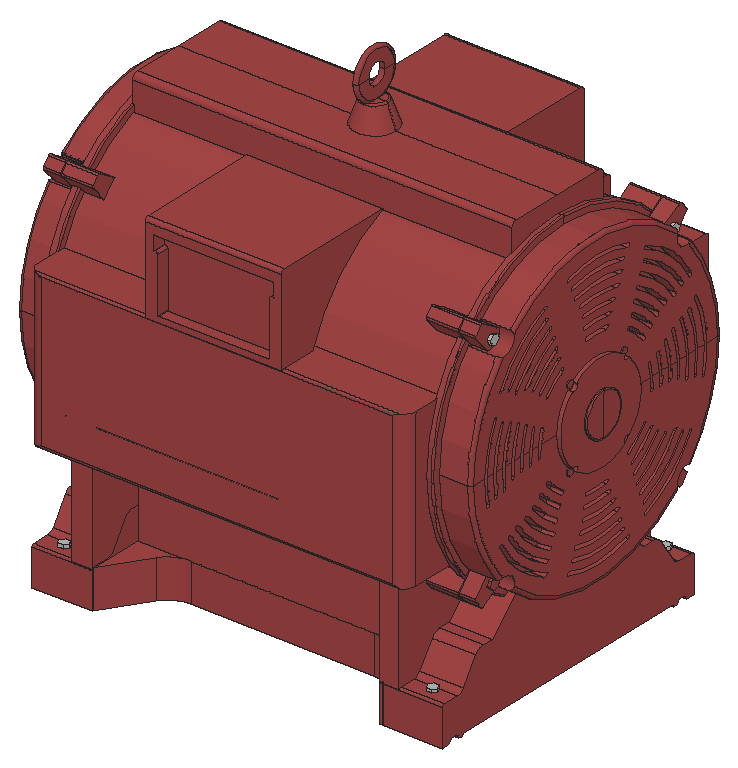
Revit family "125 HP-ODP", category Mechanical Equipment, Revit 2021
Family settings
  Round Connector Dimension = Use Diameter
  Part Type = Normal
  OmniClass Number = 23.60.30.21.21
  OmniClass Title = Pump Sets
  Work Plane-Based = No
  Always vertical = No
  Cut with Voids When Loaded = No
  Shared = No
  Room Calculation Point = No
Parameters (values of type "150Ømm")
  Type Comments = "EFP"
  Pump Material = Cast Iron - Patterson - Red
  Pipe Outside Radius [instance] = 57.15 mm
  Pipe Connector = 150 mm
  Material = Victaulic
  G [instance] = 16 mm
  Equipment Tag [instance] = "FP"
  Equipment No. [instance] = "1"
  Eqpt Type [instance] = "FF"
  Default Elevation = 0 mm
  D [instance] = 14 mm
  Connector Diameter1 [instance] = 14 mm
  B [instance] = 350 mm
Reference planes
  plane 1 "Center (Front/Back)": y = 0
  plane 2: z = 0
  plane 3 "Center (Left/Right)": x = 0
Forms (mm)
  Revolve 1, solid, material "ELECTRIC MOTOR"
    sketch origin (1332.948, -68.938, 622.088) x (-1, 0, 0) y (0, -1, 0)
      loop
        arc (799.005, 667.389) -> (802.54, 668.854) -> (804.005, 672.389) r 5
        line (804.005, 672.389) -> (804.005, 877.089) -> (195.156, 877.089) -> (195.156, 672.389)
        arc (195.156, 672.389) -> (196.62, 668.854) -> (200.156, 667.389) r 5
        line (200.156, 667.389) -> (799.005, 667.389)
      axis (804.005, 877.089) -> (195.156, 877.089)
    angle from 0 to 360
  Extrusion 2, solid, material "ELECTRIC MOTOR"
    sketch origin (469.95, 1268.897, 439.041) x (0, 1, 0) y (0, 0, 1)
      loop
        line (-2145.5, 424.683) -> (-2214.416, 424.683) -> (-2283.331, 424.683)
        arc (-2283.331, 424.683) -> (-2288.27, 422.714) -> (-2290.5, 417.888) r 7.18
        line (-2290.5, 417.888) -> (-2290.5, 378.308)
        arc (-2290.5, 378.308) -> (-2214.407, 392.206) -> (-2138.331, 378.209) r 214.503
        line (-2138.331, 378.209) -> (-2138.331, 417.888)
        arc (-2138.331, 417.888) -> (-2140.561, 422.714) -> (-2145.5, 424.683) r 7.18
    from 106.579 to 615.952
  Extrusion 3, solid, material "ELECTRIC MOTOR"
    sketch origin (534.95, 1118.897, 369.953) x (0, 1, 0) y (0, 0, 1)
      loop
        line (-2148.129, 455.107) -> (-2313.685, 455.107)
        arc (-2313.685, 455.107) -> (-2317.221, 453.642) -> (-2318.685, 450.107) r 5
        line (-2318.685, 450.107) -> (-2318.685, 334.165) -> (-2267.954, 334.165)
        arc (-2267.954, 334.165) -> (-2220.708, 407.185) -> (-2148.129, 455.107) r 212.112
    from 200.914 to 383.749
  Extrusion 4, solid, material "ELECTRIC MOTOR"
    sketch origin (1137.793, -946.027, 622.088) x (0, 0, -1) y (0, 1, 0)
      loop
        line (-84.331, -109.586) -> (-84.331, -250.695)
        arc (-84.331, -250.695) -> (-83.433, -252.863) -> (-81.265, -253.761) r 3.066
        line (-81.265, -253.761) -> (122.156, -253.761)
        arc (122.156, -253.761) -> (124.324, -252.863) -> (125.222, -250.695) r 3.066
        line (125.222, -250.695) -> (125.222, -52.823)
        arc (125.222, -52.823) -> (35.006, -134.959) -> (-84.331, -109.586) r 133.64
    from -560.644 to -51.891
  Extrusion 5, void
    sketch origin (534.95, -1199.788, 765.847) x (0, 0, -1) y (-1, 0, 0)
      loop
        line (-42.295, -213.143) -> (-42.295, -372.565)
        arc (-42.295, -372.565) -> (-42.047, -373.166) -> (-41.446, -373.414) r 0.85
        line (-41.446, -373.414) -> (-23.397, -373.414) -> (-23.397, -371.659)
        arc (-23.397, -371.659) -> (-22.366, -369.169) -> (-19.876, -368.138) r 3.521
        line (-19.876, -368.138) -> (53.264, -368.138)
        arc (53.264, -368.138) -> (53.931, -367.862) -> (54.208, -367.195) r 0.943
        line (54.208, -367.195) -> (54.208, -218.47)
        arc (54.208, -218.47) -> (53.944, -217.833) -> (53.308, -217.57) r 0.9
        line (53.308, -217.57) -> (-19.876, -217.57)
        arc (-19.876, -217.57) -> (-22.366, -216.538) -> (-23.397, -214.049) r 3.521
        line (-23.397, -214.049) -> (-23.397, -212.293) -> (-41.446, -212.293)
        arc (-41.446, -212.293) -> (-42.047, -212.542) -> (-42.295, -213.143) r 0.85
    from 0 to 16
  Revolve 6, solid, material "PUMP"
    sketch origin (459.257, -946.378, 361.732) x (1, 0, 0) y (0, 0, 1)
      loop
        line (69.737, 260.135) -> (69.737, 274.327) -> (62.376, 274.327)
        arc (62.376, 274.327) -> (61.527, 273.976) -> (61.176, 273.127) r 1.2
        line (61.176, 273.127) -> (61.176, 260.135) -> (69.737, 260.135)
      axis (61.176, 260.135) -> (69.737, 260.135)
    angle from 0 to 360
  Extrusion 7, void
    sketch origin (528.918, -946.378, 622.088) x (0, -1, 0) y (0, 0, 1)
      loop
        circle (0, -0.221) r 19
    from -77.143 to 8.348
  Revolve 8, solid, material "MOTOR KEY SHAFT"
    sketch origin (450.909, -946.378, 361.953) x (1, 0, 0) y (0, 0, 1)
      loop
        line (69.661, 260.135) -> (69.661, 270.869) -> (19.676, 270.869)
        arc (19.676, 270.869) -> (18.827, 270.517) -> (18.476, 269.669) r 1.2
        line (18.476, 269.669) -> (18.476, 260.135) -> (69.661, 260.135)
      axis (18.476, 260.135) -> (69.661, 260.135)
    angle from 0 to 360
  Extrusion 9, solid, material "SHAFT KEY"
    sketch origin (469.95, 1268.603, 365.499) x (0, 1, 0) y (0, 0, 1)
      loop
        line (-2213.981, 270.102) -> (-2215.981, 270.102) -> (-2215.981, 263.278) -> (-2213.981, 263.278) -> (-2213.981, 270.102)
    from -0.571 to 12.337
  Revolve 10, solid, material "PUMP"
    sketch origin (924.692, -946.378, 361.953) x (-1, 0, 0) y (0, 0, -1)
      loop
        line (-161.21, -260.135) -> (-170.21, -260.135) -> (-170.21, -478.135)
        arc (-170.21, -478.135) -> (-169.624, -479.549) -> (-168.21, -480.135) r 2
        line (-168.21, -480.135) -> (-161.21, -480.135) -> (-161.21, -260.135)
      axis (-170.21, -260.135) -> (-161.21, -260.135)
    angle from 0 to 360
  Extrusion 11, solid, material "PUMP"
    sketch origin (520.57, -946.378, 622.088) x (0, 1, 0) y (0, 0, 1)
      loop
        arc (39.813, 53.088) -> (-0.133, 66.438) -> (-40.079, 53.088) r 66.438
        arc (-40.079, 53.088) -> (-40.58, 46.085) -> (-47.583, 46.585) r 4.965
        arc (-47.583, 46.585) -> (-66.571, 0) -> (-47.583, -46.585) r 66.639
        arc (-47.583, -46.585) -> (-40.58, -46.085) -> (-40.079, -53.088) r 4.965
        arc (-40.079, -53.088) -> (-0.133, -66.438) -> (39.813, -53.088) r 66.438
        arc (39.813, -53.088) -> (40.314, -46.085) -> (47.317, -46.585) r 4.965
        arc (47.317, -46.585) -> (66.305, 0) -> (47.317, 46.585) r 66.64
        arc (47.317, 46.585) -> (40.314, 46.085) -> (39.813, 53.088) r 4.965
    from 617.25 to 624.339
  Revolve 12, solid, material "HOOK FOR MOTOR"
    sketch origin (598.638, -945.519, 449.953) x (1, 0, 0) y (0, 0, 1)
      loop
        line (241.463, 413.771) -> (269.59, 413.771) -> (258.841, 443.304)
        arc (258.841, 443.304) -> (257.963, 444.711) -> (256.59, 445.641) r 4
        line (256.59, 445.641) -> (241.463, 445.641) -> (241.463, 413.771)
      axis (241.463, 445.641) -> (241.463, 413.771)
    angle from 0 to 360
  Revolve 13, solid, material "HOOK FOR MOTOR"
    sketch origin (2228.997, 1206.397, 924.415) x (-1, 0, 0) y (0, -1, 0)
      loop
        line (1385.431, 2152.424) -> (1385.431, 2122.746)
        arc (1385.431, 2122.746) -> (1388.931, 2119.246) -> (1392.431, 2122.746) r 3.5
        line (1392.431, 2122.746) -> (1392.431, 2152.424) -> (1385.431, 2152.424)
      axis (1392.431, 2152.424) -> (1385.431, 2152.424)
    angle from 0 to 360
  Extrusion 14, void
    sketch origin (843.566, -946.027, 924.415) x (0, 0, 1) y (0, 1, 0)
      loop
        circle (0, 0) r 14
    from 0 to 6.947
  Extrusion 15, solid, material "MOTOR LEG"
    sketch origin (1161.252, 1270.772, 208.751) x (0, 1, 0) y (0, 0, -1)
      loop
        line (-2399.6, -94.18) -> (-2401.553, -91.302) -> (-2406.553, -91.302) -> (-2409.946, -96.302) -> (-2419.946, -96.302) -> (-2423.339, -91.302) -> (-2434.372, -91.302) -> (-2434.372, -140.148)
        arc (-2434.372, -140.148) -> (-2433.526, -142.192) -> (-2431.482, -143.038) r 2.89
        line (-2431.482, -143.038) -> (-2408.516, -143.038)
        arc (-2408.516, -143.038) -> (-2403.126, -144.378) -> (-2398.99, -148.086) r 11.512
        line (-2398.99, -148.086) -> (-2378.146, -178.806)
        arc (-2378.146, -178.806) -> (-2372.758, -183.637) -> (-2365.734, -185.383) r 15
        line (-2365.734, -185.383) -> (-2349.896, -185.383) -> (-2309.974, -225.305)
        arc (-2309.974, -225.305) -> (-2221.685, -204.447) -> (-2132.44, -220.739) r 221.465
        line (-2132.44, -220.739) -> (-2097.085, -185.383) -> (-2080.631, -185.383)
        arc (-2080.631, -185.383) -> (-2073.607, -183.637) -> (-2068.219, -178.806) r 15
        line (-2068.219, -178.806) -> (-2046.747, -147.161)
        arc (-2046.747, -147.161) -> (-2042.611, -143.453) -> (-2037.221, -142.113) r 11.512
        line (-2037.221, -142.113) -> (-2015.499, -142.113)
        arc (-2015.499, -142.113) -> (-2013.455, -141.266) -> (-2012.609, -139.223) r 2.89
        line (-2012.609, -139.223) -> (-2012.609, -91.302) -> (-2023.643, -91.302) -> (-2027.035, -96.302) -> (-2037.035, -96.302) -> (-2040.428, -91.302) -> (-2045.428, -91.302) -> (-2047.381, -94.18) -> (-2399.6, -94.18)
    from 55.232 to 139.982
  Extrusion 16, solid, material "TERMINAL BOX MOTOR"
    sketch origin (843.566, -851.728, 832.7) x (0, 0, -1) y (0, 1, 0)
      loop
        arc (149.901, 160.761) -> (150.487, 159.347) -> (151.901, 158.761) r 2
        line (151.901, 158.761) -> (261.55, 158.761)
        arc (261.55, 158.761) -> (262.965, 159.347) -> (263.55, 160.761) r 2
        line (263.55, 160.761) -> (263.55, 216.813) -> (149.901, 188.371) -> (149.901, 160.761)
    from -73.899 to 56.101
  Extrusion 17, solid, material "TERMINAL BOX MOTOR"
    sketch origin (843.566, -450.455, 443.916) x (0, 0, 1) y (0, -1, 0)
      loop
        arc (125.234, 177.315) -> (125.82, 175.901) -> (127.234, 175.315) r 2
        line (127.234, 175.315) -> (236.883, 175.315)
        arc (236.883, 175.315) -> (238.297, 175.901) -> (238.883, 177.315) r 2
        line (238.883, 177.315) -> (238.883, 210.631) -> (125.234, 182.295) -> (125.234, 177.315)
    from -73.899 to 56.101
  Extrusion 18, void
    sketch origin (1137.559, -1060.528, 496.866) x (0, 1, 0) y (-1, 0, 0)
      loop
        line (-139.261, 69.624) -> (-139.261, 51.645) -> (-122.239, 51.645)
        arc (-122.239, 51.645) -> (-134.042, 57.518) -> (-139.261, 69.624) r 19.17
    from 0 to 219.503
  Extrusion 19, void
    sketch origin (525.504, -1060.578, 496.866) x (0, 1, 0) y (-1, 0, 0)
      loop
        arc (-139.261, -69.624) -> (-134.042, -57.518) -> (-122.239, -51.645) r 19.17
        line (-122.239, -51.645) -> (-139.261, -51.645) -> (-139.261, -69.624)
    from 0 to 219.503
  Extrusion 20, solid, material "ELECTRIC MOTOR"
    sketch origin (534.95, -3011.652, 369.953) x (0, -1, 0) y (0, 0, -1)
      loop
        arc (-2148.129, -455.107) -> (-2220.708, -407.185) -> (-2267.954, -334.165) r 212.112
        line (-2267.954, -334.165) -> (-2318.685, -334.165) -> (-2318.685, -450.107)
        arc (-2318.685, -450.107) -> (-2317.221, -453.642) -> (-2313.685, -455.107) r 5
        line (-2313.685, -455.107) -> (-2148.129, -455.107)
    from 200.914 to 383.749
  Extrusion 21, solid, material "ELECTRIC MOTOR"
    sketch origin (1137.793, -946.728, 622.088) x (0, 0, -1) y (0, 1, 0)
      loop
        arc (-84.331, 109.586) -> (35.006, 134.959) -> (125.222, 52.823) r 133.64
        line (125.222, 52.823) -> (125.222, 250.695)
        arc (125.222, 250.695) -> (124.324, 252.863) -> (122.156, 253.761) r 3.066
        line (122.156, 253.761) -> (-81.265, 253.761)
        arc (-81.265, 253.761) -> (-83.433, 252.863) -> (-84.331, 250.695) r 3.066
        line (-84.331, 250.695) -> (-84.331, 109.586)
    from -560.644 to -51.891
  Extrusion 22, void
    sketch origin (534.95, -692.967, 765.847) x (0, 0, -1) y (1, 0, 0)
      loop
        arc (-42.295, 213.143) -> (-42.047, 212.542) -> (-41.446, 212.293) r 0.85
        line (-41.446, 212.293) -> (-23.397, 212.293) -> (-23.397, 214.049)
        arc (-23.397, 214.049) -> (-22.366, 216.538) -> (-19.876, 217.57) r 3.521
        line (-19.876, 217.57) -> (53.308, 217.57)
        arc (53.308, 217.57) -> (53.944, 217.833) -> (54.208, 218.47) r 0.9
        line (54.208, 218.47) -> (54.208, 367.195)
        arc (54.208, 367.195) -> (53.931, 367.862) -> (53.264, 368.138) r 0.943
        line (53.264, 368.138) -> (-19.876, 368.138)
        arc (-19.876, 368.138) -> (-22.366, 369.169) -> (-23.397, 371.659) r 3.521
        line (-23.397, 371.659) -> (-23.397, 373.414) -> (-41.446, 373.414)
        arc (-41.446, 373.414) -> (-42.047, 373.166) -> (-42.295, 372.565) r 0.85
        line (-42.295, 372.565) -> (-42.295, 213.143)
    from 0 to 16
  Extrusion 23, solid, material "ELECTRIC MOTOR"
    sketch origin (602.731, -3208.501, 312.231) x (0, -1, 0) y (0, 0, -1)
      loop
        line (-2311.299, -359.894) -> (-2312.099, -364.433) -> (-2308.332, -367.594) -> (-2304, -366.018) -> (-2303.232, -361.659) -> (-2307.139, -358.38) -> (-2311.299, -359.894)
    from 535.09 to 537.42
  Extrusion 24, solid, material "ELECTRIC MOTOR"
    sketch origin (602.731, 1372.597, 962.856) x (0, 1, 0) y (0, 0, 1)
      loop
        line (-2309.939, -359.922) -> (-2310.561, -363.451) -> (-2307.632, -365.909) -> (-2304.264, -364.683) -> (-2303.591, -360.868) -> (-2306.298, -358.597) -> (-2309.939, -359.922)
    from 535.09 to 537.42
  Extrusion 25, solid, material "ELECTRIC MOTOR"
    sketch origin (602.731, 1315.479, 312.231) x (0, 1, 0) y (0, 0, 1)
      loop
        line (-2311.299, 359.894) -> (-2307.139, 358.38) -> (-2303.232, 361.659) -> (-2304, 366.018) -> (-2308.332, 367.594) -> (-2312.099, 364.433) -> (-2311.299, 359.894)
    from 535.09 to 537.42
  Extrusion 26, solid, material "ELECTRIC MOTOR"
    sketch origin (602.731, -3208.501, 931.945) x (0, -1, 0) y (0, 0, -1)
      loop
        line (-2311.299, 359.894) -> (-2307.139, 358.38) -> (-2303.232, 361.659) -> (-2304, 366.018) -> (-2308.332, 367.594) -> (-2312.099, 364.433) -> (-2311.299, 359.894)
    from 535.09 to 537.42
  Extrusion 27, solid, material "ELECTRIC MOTOR"
    sketch origin (602.731, 1315.479, 931.945) x (0, 1, 0) y (0, 0, 1)
      loop
        line (-2311.299, -359.894) -> (-2312.099, -364.433) -> (-2308.332, -367.594) -> (-2304, -366.018) -> (-2303.232, -361.659) -> (-2307.139, -358.38) -> (-2311.299, -359.894)
    from 535.09 to 537.42
  Extrusion 28, void
    sketch origin (1085.902, -950.848, 625.583) x (0, 0, 1) y (0, 1, 0)
      loop
        arc (130.608, -156.394) -> (145.005, -148.2) -> (153.628, -134.055) r 33.098
        arc (153.628, -134.055) -> (133.682, -136.532) -> (130.608, -156.394) r 16.675
    from -59.008 to -2.625
  Extrusion 29, solid, material "for motor bolt nut"
    sketch origin (813.699, 1234.131, 605.677) x (0, 0.996195, 0.087156) y (0, 0.087156, -0.996195)
      loop
        line (-2314.802, -361.918) -> (-2315.989, -368.651) -> (-2310.751, -373.046) -> (-2304.326, -370.708) -> (-2303.139, -363.974) -> (-2308.377, -359.579) -> (-2314.802, -361.918)
    from -310.016 to -304.828
  Extrusion 30, solid, material "PUMP"
    sketch origin (0, 0, 0) x (0, 1, 0) y (0, 0, 1)
      loop
        arc (-1122.533, 782.298) -> (-1123.195, 780.705) -> (-1122.825, 779.021) r 2.875
        line (-1122.825, 779.021) -> (-1102.849, 756.04)
        arc (-1102.849, 756.04) -> (-1089.259, 762.102) -> (-1085.504, 776.501) r 17.175
        line (-1085.504, 776.501) -> (-1111.695, 792.599)
        arc (-1111.695, 792.599) -> (-1113.323, 792.564) -> (-1114.677, 791.66) r 2.907
        line (-1114.677, 791.66) -> (-1122.533, 782.298)
    from 1095.138 to 1118.526
  Extrusion 31, void
    sketch origin (1085.902, -942.173, 625.583) x (0, 0, 1) y (0, 1, 0)
      loop
        arc (130.608, 156.394) -> (133.682, 136.532) -> (153.628, 134.055) r 16.675
        arc (153.628, 134.055) -> (145.005, 148.2) -> (130.608, 156.394) r 33.098
    from -59.008 to -2.625
  Extrusion 32, void
    sketch origin (1085.902, -942.173, 613.613) x (0, 0, -1) y (0, -1, 0)
      loop
        arc (130.608, -156.394) -> (145.005, -148.2) -> (153.628, -134.055) r 33.098
        arc (153.628, -134.055) -> (133.682, -136.532) -> (130.608, -156.394) r 16.675
    from -59.008 to -2.625
  Extrusion 33, void
    sketch origin (1085.902, -950.848, 618.593) x (0, 0, -1) y (0, -1, 0)
      loop
        arc (130.608, 156.394) -> (133.682, 136.532) -> (153.628, 134.055) r 16.675
        arc (153.628, 134.055) -> (145.005, 148.2) -> (130.608, 156.394) r 33.098
    from -59.008 to -2.625
  Extrusion 34, solid, material "ELECTRIC MOTOR"
    sketch origin (813.699, 1234.131, 638.499) x (0, 0.996195, -0.087156) y (0, -0.087156, -0.996195)
      loop
        line (-2314.802, 361.918) -> (-2308.377, 359.579) -> (-2303.139, 363.974) -> (-2304.326, 370.708) -> (-2310.751, 373.046) -> (-2315.989, 368.651) -> (-2314.802, 361.918)
    from -310.016 to -304.828
  Extrusion 35, solid, material "PUMP"
    sketch origin (0, 0, 1244.176) x (0, 1, 0) y (0, 0, 1)
      loop
        line (-1122.533, -782.298) -> (-1114.677, -791.66)
        arc (-1114.677, -791.66) -> (-1113.323, -792.564) -> (-1111.695, -792.599) r 2.907
        line (-1111.695, -792.599) -> (-1085.504, -776.501)
        arc (-1085.504, -776.501) -> (-1089.259, -762.102) -> (-1102.849, -756.04) r 17.175
        line (-1102.849, -756.04) -> (-1122.825, -779.021)
        arc (-1122.825, -779.021) -> (-1123.195, -780.705) -> (-1122.533, -782.298) r 2.875
    from 1095.138 to 1118.526
  Extrusion 36, void
    sketch origin (1085.902, -942.173, 618.593) x (0, 0, -1) y (0, -1, 0)
      loop
        arc (130.608, -156.394) -> (145.005, -148.2) -> (153.628, -134.055) r 33.098
        arc (153.628, -134.055) -> (133.682, -136.532) -> (130.608, -156.394) r 16.675
    from -59.008 to -2.625
  Extrusion 37, void
    sketch origin (1085.902, -950.848, 625.583) x (0, 0, 1) y (0, 1, 0)
      loop
        arc (130.608, -156.394) -> (145.005, -148.2) -> (153.628, -134.055) r 33.098
        arc (153.628, -134.055) -> (133.682, -136.532) -> (130.608, -156.394) r 16.675
    from -59.008 to -2.625
  Extrusion 38, solid, material "PUMP"
    sketch origin (0, 0, 0) x (0, 1, 0) y (0, 0, 1)
      loop
        arc (-1122.533, 782.298) -> (-1123.195, 780.705) -> (-1122.825, 779.021) r 2.875
        line (-1122.825, 779.021) -> (-1102.849, 756.04)
        arc (-1102.849, 756.04) -> (-1089.259, 762.102) -> (-1085.504, 776.501) r 17.175
        line (-1085.504, 776.501) -> (-1111.695, 792.599)
        arc (-1111.695, 792.599) -> (-1113.323, 792.564) -> (-1114.677, 791.66) r 2.907
        line (-1114.677, 791.66) -> (-1122.533, 782.298)
    from 1051.796 to 1095.138
  Extrusion 39, solid, material "PUMP"
    sketch origin (0, 0, 1244.176) x (0, 1, 0) y (0, 0, 1)
      loop
        line (-1122.533, -782.298) -> (-1114.677, -791.66)
        arc (-1114.677, -791.66) -> (-1113.323, -792.564) -> (-1111.695, -792.599) r 2.907
        line (-1111.695, -792.599) -> (-1085.504, -776.501)
        arc (-1085.504, -776.501) -> (-1089.259, -762.102) -> (-1102.849, -756.04) r 17.175
        line (-1102.849, -756.04) -> (-1122.825, -779.021)
        arc (-1122.825, -779.021) -> (-1123.195, -780.705) -> (-1122.533, -782.298) r 2.875
    from 1051.796 to 1095.138
  Extrusion 40, solid, material "for motor bolt nut"
    sketch origin (813.699, -3127.153, 638.499) x (0, -0.996195, -0.087156) y (0, -0.087156, 0.996195)
      loop
        line (-2314.802, -361.918) -> (-2315.989, -368.651) -> (-2310.751, -373.046) -> (-2304.326, -370.708) -> (-2303.139, -363.974) -> (-2308.377, -359.579) -> (-2314.802, -361.918)
    from -310.016 to -304.828
  Extrusion 41, solid, material "PUMP"
    sketch origin (0, -1893.022, 1244.176) x (0, -1, 0) y (0, 0, -1)
      loop
        arc (-1122.533, 782.298) -> (-1123.195, 780.705) -> (-1122.825, 779.021) r 2.875
        line (-1122.825, 779.021) -> (-1102.849, 756.04)
        arc (-1102.849, 756.04) -> (-1089.259, 762.102) -> (-1085.504, 776.501) r 17.175
        line (-1085.504, 776.501) -> (-1111.695, 792.599)
        arc (-1111.695, 792.599) -> (-1113.323, 792.564) -> (-1114.677, 791.66) r 2.907
        line (-1114.677, 791.66) -> (-1122.533, 782.298)
    from 1095.138 to 1118.526
  Extrusion 42, solid, material "PUMP"
    sketch origin (0, -1893.022, 1244.176) x (0, -1, 0) y (0, 0, -1)
      loop
        arc (-1122.533, 782.298) -> (-1123.195, 780.705) -> (-1122.825, 779.021) r 2.875
        line (-1122.825, 779.021) -> (-1102.849, 756.04)
        arc (-1102.849, 756.04) -> (-1089.259, 762.102) -> (-1085.504, 776.501) r 17.175
        line (-1085.504, 776.501) -> (-1111.695, 792.599)
        arc (-1111.695, 792.599) -> (-1113.323, 792.564) -> (-1114.677, 791.66) r 2.907
        line (-1114.677, 791.66) -> (-1122.533, 782.298)
    from 1051.796 to 1095.138
  Extrusion 43, solid, material "for motor bolt nut"
    sketch origin (813.699, -3127.153, 605.677) x (0, -0.996195, 0.087156) y (0, 0.087156, 0.996195)
      loop
        line (-2314.802, 361.918) -> (-2308.377, 359.579) -> (-2303.139, 363.974) -> (-2304.326, 370.708) -> (-2310.751, 373.046) -> (-2315.989, 368.651) -> (-2314.802, 361.918)
    from -310.016 to -304.828
  Extrusion 44, solid, material "PUMP"
    sketch origin (0, -1893.022, 0) x (0, -1, 0) y (0, 0, -1)
      loop
        line (-1122.533, -782.298) -> (-1114.677, -791.66)
        arc (-1114.677, -791.66) -> (-1113.323, -792.564) -> (-1111.695, -792.599) r 2.907
        line (-1111.695, -792.599) -> (-1085.504, -776.501)
        arc (-1085.504, -776.501) -> (-1089.259, -762.102) -> (-1102.849, -756.04) r 17.175
        line (-1102.849, -756.04) -> (-1122.825, -779.021)
        arc (-1122.825, -779.021) -> (-1123.195, -780.705) -> (-1122.533, -782.298) r 2.875
    from 1095.138 to 1118.526
  Extrusion 45, solid, material "PUMP"
    sketch origin (0, -1893.022, 0) x (0, -1, 0) y (0, 0, -1)
      loop
        line (-1122.533, -782.298) -> (-1114.677, -791.66)
        arc (-1114.677, -791.66) -> (-1113.323, -792.564) -> (-1111.695, -792.599) r 2.907
        line (-1111.695, -792.599) -> (-1085.504, -776.501)
        arc (-1085.504, -776.501) -> (-1089.259, -762.102) -> (-1102.849, -756.04) r 17.175
        line (-1102.849, -756.04) -> (-1122.825, -779.021)
        arc (-1122.825, -779.021) -> (-1123.195, -780.705) -> (-1122.533, -782.298) r 2.875
    from 1051.796 to 1095.138
  Revolve 46, solid, material "PUMP"
    sketch origin (406.862, -946.378, 361.953) x (-1, 0, 0) y (0, 0, -1)
      loop
        line (-161.21, -260.135) -> (-170.21, -260.135) -> (-170.21, -478.135)
        arc (-170.21, -478.135) -> (-169.624, -479.549) -> (-168.21, -480.135) r 2
        line (-168.21, -480.135) -> (-161.21, -480.135) -> (-161.21, -260.135)
      axis (-170.21, -260.135) -> (-161.21, -260.135)
    angle from 0 to 360
  Extrusion 47, solid, material "PUMP"
    sketch origin (1655.563, -1893.022, 0) x (0, -1, 0) y (0, 0, 1)
      loop
        arc (-1122.533, 782.298) -> (-1123.195, 780.705) -> (-1122.825, 779.021) r 2.875
        line (-1122.825, 779.021) -> (-1102.849, 756.04)
        arc (-1102.849, 756.04) -> (-1089.259, 762.102) -> (-1085.504, 776.501) r 17.175
        line (-1085.504, 776.501) -> (-1111.695, 792.599)
        arc (-1111.695, 792.599) -> (-1113.323, 792.564) -> (-1114.677, 791.66) r 2.907
        line (-1114.677, 791.66) -> (-1122.533, 782.298)
    from 1095.138 to 1118.526
  Extrusion 48, solid, material "PUMP"
    sketch origin (1655.563, -1893.022, 0) x (0, -1, 0) y (0, 0, 1)
      loop
        arc (-1122.533, 782.298) -> (-1123.195, 780.705) -> (-1122.825, 779.021) r 2.875
        line (-1122.825, 779.021) -> (-1102.849, 756.04)
        arc (-1102.849, 756.04) -> (-1089.259, 762.102) -> (-1085.504, 776.501) r 17.175
        line (-1085.504, 776.501) -> (-1111.695, 792.599)
        arc (-1111.695, 792.599) -> (-1113.323, 792.564) -> (-1114.677, 791.66) r 2.907
        line (-1114.677, 791.66) -> (-1122.533, 782.298)
    from 1051.796 to 1095.138
  Extrusion 49, solid, material "PUMP"
    sketch origin (1655.563, 0.266, 0) x (0, 1, 0) y (0, 0, -1)
      loop
        line (-1122.533, -782.298) -> (-1114.677, -791.66)
        arc (-1114.677, -791.66) -> (-1113.323, -792.564) -> (-1111.695, -792.599) r 2.907
        line (-1111.695, -792.599) -> (-1085.504, -776.501)
        arc (-1085.504, -776.501) -> (-1089.259, -762.102) -> (-1102.849, -756.04) r 17.175
        line (-1102.849, -756.04) -> (-1122.825, -779.021)
        arc (-1122.825, -779.021) -> (-1123.195, -780.705) -> (-1122.533, -782.298) r 2.875
    from 1095.138 to 1118.526
  Extrusion 50, solid, material "PUMP"
    sketch origin (1655.563, 0.266, 0) x (0, 1, 0) y (0, 0, -1)
      loop
        line (-1122.533, -782.298) -> (-1114.677, -791.66)
        arc (-1114.677, -791.66) -> (-1113.323, -792.564) -> (-1111.695, -792.599) r 2.907
        line (-1111.695, -792.599) -> (-1085.504, -776.501)
        arc (-1085.504, -776.501) -> (-1089.259, -762.102) -> (-1102.849, -756.04) r 17.175
        line (-1102.849, -756.04) -> (-1122.825, -779.021)
        arc (-1122.825, -779.021) -> (-1123.195, -780.705) -> (-1122.533, -782.298) r 2.875
    from 1051.796 to 1095.138
  Extrusion 51, void
    sketch origin (568.66, -942.173, 625.583) x (0, 0, 1) y (0, -1, 0)
      loop
        arc (130.608, -156.394) -> (145.005, -148.2) -> (153.628, -134.055) r 33.098
        arc (153.628, -134.055) -> (133.682, -136.532) -> (130.608, -156.394) r 16.675
    from -59.008 to -2.625
  Extrusion 52, solid, material "for motor bolt nut"
    sketch origin (841.865, -3127.153, 605.677) x (0, -0.996195, 0.087156) y (0, -0.087156, -0.996195)
      loop
        line (-2314.802, -361.918) -> (-2315.989, -368.651) -> (-2310.751, -373.046) -> (-2304.326, -370.708) -> (-2303.139, -363.974) -> (-2308.377, -359.579) -> (-2314.802, -361.918)
    from -310.016 to -304.828
  Extrusion 53, void
    sketch origin (568.66, -948.865, 625.583) x (0, 0, 1) y (0, -1, 0)
      loop
        arc (130.608, 156.394) -> (133.682, 136.532) -> (153.628, 134.055) r 16.675
        arc (153.628, 134.055) -> (145.005, 148.2) -> (130.608, 156.394) r 33.098
    from -59.008 to -2.625
  Extrusion 54, solid, material "for motor bolt nut"
    sketch origin (841.865, 1234.398, 605.677) x (0, 0.996195, 0.087156) y (0, -0.087156, 0.996195)
      loop
        line (-2314.802, 361.918) -> (-2308.377, 359.579) -> (-2303.139, 363.974) -> (-2304.326, 370.708) -> (-2310.751, 373.046) -> (-2315.989, 368.651) -> (-2314.802, 361.918)
    from -310.016 to -304.828
  Extrusion 55, void
    sketch origin (568.66, -948.865, 618.151) x (0, 0, -1) y (0, 1, 0)
      loop
        arc (130.608, -156.394) -> (145.005, -148.2) -> (153.628, -134.055) r 33.098
        arc (153.628, -134.055) -> (133.682, -136.532) -> (130.608, -156.394) r 16.675
    from -59.008 to -2.625
  Extrusion 56, solid, material "PUMP"
    sketch origin (1667.609, 0, 1244.176) x (0, 1, 0) y (0, 0, -1)
      loop
        arc (-1122.533, 782.298) -> (-1123.195, 780.705) -> (-1122.825, 779.021) r 2.875
        line (-1122.825, 779.021) -> (-1102.849, 756.04)
        arc (-1102.849, 756.04) -> (-1089.259, 762.102) -> (-1085.504, 776.501) r 17.175
        line (-1085.504, 776.501) -> (-1111.695, 792.599)
        arc (-1111.695, 792.599) -> (-1113.323, 792.564) -> (-1114.677, 791.66) r 2.907
        line (-1114.677, 791.66) -> (-1122.533, 782.298)
    from 1051.796 to 1095.138
  Extrusion 57, solid, material "PUMP"
    sketch origin (1667.609, -1893.022, 1244.176) x (0, -1, 0) y (0, 0, 1)
      loop
        line (-1122.533, -782.298) -> (-1114.677, -791.66)
        arc (-1114.677, -791.66) -> (-1113.323, -792.564) -> (-1111.695, -792.599) r 2.907
        line (-1111.695, -792.599) -> (-1085.504, -776.501)
        arc (-1085.504, -776.501) -> (-1089.259, -762.102) -> (-1102.849, -756.04) r 17.175
        line (-1102.849, -756.04) -> (-1122.825, -779.021)
        arc (-1122.825, -779.021) -> (-1123.195, -780.705) -> (-1122.533, -782.298) r 2.875
    from 1051.796 to 1095.138
  Extrusion 58, solid, material "for motor bolt nut"
    sketch origin (853.91, 1234.131, 638.499) x (0, 0.996195, -0.087156) y (0, 0.087156, 0.996195)
      loop
        line (-2314.802, -361.918) -> (-2315.989, -368.651) -> (-2310.751, -373.046) -> (-2304.326, -370.708) -> (-2303.139, -363.974) -> (-2308.377, -359.579) -> (-2314.802, -361.918)
    from -310.016 to -304.828
  Extrusion 59, solid, material "PUMP"
    sketch origin (1667.609, 0, 1244.176) x (0, 1, 0) y (0, 0, -1)
      loop
        arc (-1122.533, 782.298) -> (-1123.195, 780.705) -> (-1122.825, 779.021) r 2.875
        line (-1122.825, 779.021) -> (-1102.849, 756.04)
        arc (-1102.849, 756.04) -> (-1089.259, 762.102) -> (-1085.504, 776.501) r 17.175
        line (-1085.504, 776.501) -> (-1111.695, 792.599)
        arc (-1111.695, 792.599) -> (-1113.323, 792.564) -> (-1114.677, 791.66) r 2.907
        line (-1114.677, 791.66) -> (-1122.533, 782.298)
    from 1095.138 to 1118.526
  Extrusion 60, solid, material "for motor bolt nut"
    sketch origin (853.91, -3127.153, 638.499) x (0, -0.996195, -0.087156) y (0, 0.087156, -0.996195)
      loop
        line (-2314.802, 361.918) -> (-2308.377, 359.579) -> (-2303.139, 363.974) -> (-2304.326, 370.708) -> (-2310.751, 373.046) -> (-2315.989, 368.651) -> (-2314.802, 361.918)
    from -310.016 to -304.828
  Extrusion 61, solid, material "PUMP"
    sketch origin (1667.609, -1893.022, 1244.176) x (0, -1, 0) y (0, 0, 1)
      loop
        line (-1122.533, -782.298) -> (-1114.677, -791.66)
        arc (-1114.677, -791.66) -> (-1113.323, -792.564) -> (-1111.695, -792.599) r 2.907
        line (-1111.695, -792.599) -> (-1085.504, -776.501)
        arc (-1085.504, -776.501) -> (-1089.259, -762.102) -> (-1102.849, -756.04) r 17.175
        line (-1102.849, -756.04) -> (-1122.825, -779.021)
        arc (-1122.825, -779.021) -> (-1123.195, -780.705) -> (-1122.533, -782.298) r 2.875
    from 1095.138 to 1118.526
  Extrusion 62, void
    sketch origin (568.66, -950.848, 625.583) x (0, 0, 1) y (0, -1, 0)
      loop
        arc (130.608, 156.394) -> (133.682, 136.532) -> (153.628, 134.055) r 16.675
        arc (153.628, 134.055) -> (145.005, 148.2) -> (130.608, 156.394) r 33.098
    from -59.008 to -2.625
  Extrusion 63, void
    sketch origin (581.707, -950.848, 618.593) x (0, 0, -1) y (0, 1, 0)
      loop
        arc (130.608, -156.394) -> (145.005, -148.2) -> (153.628, -134.055) r 33.098
        arc (153.628, -134.055) -> (133.682, -136.532) -> (130.608, -156.394) r 16.675
    from -59.008 to -2.625
  Extrusion 64, void
    sketch origin (0, 152.174, 340.249) x (0, 0.945088, 0.326815) y (0, -0.326815, 0.945088)
      loop
        arc (-812.604, 751.818) -> (-817.068, 751.589) -> (-816.4, 747.169) r 3.016
        arc (-816.4, 747.169) -> (-784.842, 708.512) -> (-768.359, 661.411) r 144.121
        arc (-768.359, 661.411) -> (-764.886, 658.746) -> (-762.437, 662.375) r 3.006
        arc (-762.437, 662.375) -> (-779.646, 711.513) -> (-812.604, 751.818) r 150.121
      loop
        arc (-819.491, 738.499) -> (-823.424, 738.116) -> (-823.646, 734.171) r 3.035
        arc (-823.646, 734.171) -> (-797.834, 700.84) -> (-782.771, 661.465) r 144.121
        arc (-782.771, 661.465) -> (-779.192, 659.187) -> (-776.914, 662.767) r 3
        arc (-776.914, 662.767) -> (-792.604, 703.78) -> (-819.491, 738.499) r 150.121
      loop
        arc (-829.201, 727.684) -> (-833.443, 727.734) -> (-833.493, 723.492) r 3
        arc (-833.493, 723.492) -> (-811.006, 693.487) -> (-797.02, 658.696) r 144.121
        arc (-797.02, 658.696) -> (-793.256, 656.061) -> (-791.204, 660.173) r 3.033
        arc (-791.204, 660.173) -> (-805.773, 696.422) -> (-829.201, 727.684) r 150.121
      loop
        arc (-839.393, 716.187) -> (-843.632, 716.362) -> (-843.807, 712.123) r 3
        arc (-843.807, 712.123) -> (-825.683, 687.699) -> (-813.089, 660.016) r 144.121
        arc (-813.089, 660.016) -> (-809.295, 658.117) -> (-807.395, 661.91) r 3
        arc (-807.395, 661.91) -> (-820.515, 690.746) -> (-839.393, 716.187) r 150.121
      loop
        arc (-847.965, 703.704) -> (-852.192, 704.066) -> (-852.553, 699.838) r 3
        arc (-852.553, 699.838) -> (-838.237, 679.522) -> (-827.624, 657.048) r 144.121
        arc (-827.624, 657.048) -> (-823.768, 655.277) -> (-821.998, 659.133) r 3
        arc (-821.998, 659.133) -> (-833.052, 682.542) -> (-847.965, 703.704) r 150.121
      loop
        arc (-856.617, 690.853) -> (-860.824, 691.406) -> (-861.377, 687.199) r 3
        arc (-861.377, 687.199) -> (-850.118, 670.157) -> (-841.382, 651.695) r 144.121
        arc (-841.382, 651.695) -> (-837.563, 649.961) -> (-835.739, 653.738) r 3.002
        arc (-835.739, 653.738) -> (-844.855, 673.04) -> (-856.617, 690.853) r 150.121
      loop
        arc (-866.817, 679.646) -> (-871.004, 680.327) -> (-871.685, 676.139) r 3
        arc (-871.685, 676.139) -> (-862.662, 661.933) -> (-855.357, 646.772) r 144.121
        arc (-855.357, 646.772) -> (-851.441, 645.14) -> (-849.809, 649.056) r 3
        arc (-849.809, 649.056) -> (-857.418, 664.849) -> (-866.817, 679.646) r 150.121
    from 1118.526 to 1137.793
  Extrusion 65, void
    sketch origin (0, -1941.556, 1148.111) x (0, -0.48361, 0.875284) y (0, -0.875284, -0.48361)
      loop
        arc (-812.604, -751.818) -> (-779.646, -711.513) -> (-762.437, -662.375) r 150.121
        arc (-762.437, -662.375) -> (-764.886, -658.746) -> (-768.359, -661.411) r 3.006
        arc (-768.359, -661.411) -> (-784.842, -708.512) -> (-816.4, -747.169) r 144.121
        arc (-816.4, -747.169) -> (-817.068, -751.589) -> (-812.604, -751.818) r 3.016
      loop
        arc (-819.491, -738.499) -> (-792.604, -703.78) -> (-776.914, -662.767) r 150.121
        arc (-776.914, -662.767) -> (-779.192, -659.187) -> (-782.771, -661.465) r 3
        arc (-782.771, -661.465) -> (-797.834, -700.84) -> (-823.646, -734.171) r 144.121
        arc (-823.646, -734.171) -> (-823.424, -738.116) -> (-819.491, -738.499) r 3.035
      loop
        arc (-829.201, -727.684) -> (-805.773, -696.422) -> (-791.204, -660.173) r 150.121
        arc (-791.204, -660.173) -> (-793.256, -656.061) -> (-797.02, -658.696) r 3.033
        arc (-797.02, -658.696) -> (-811.006, -693.487) -> (-833.493, -723.492) r 144.121
        arc (-833.493, -723.492) -> (-833.443, -727.734) -> (-829.201, -727.684) r 3
      loop
        arc (-839.393, -716.187) -> (-820.515, -690.746) -> (-807.395, -661.91) r 150.121
        arc (-807.395, -661.91) -> (-809.295, -658.117) -> (-813.089, -660.016) r 3
        arc (-813.089, -660.016) -> (-825.683, -687.699) -> (-843.807, -712.123) r 144.121
        arc (-843.807, -712.123) -> (-843.632, -716.362) -> (-839.393, -716.187) r 3
      loop
        arc (-847.965, -703.704) -> (-833.052, -682.542) -> (-821.998, -659.133) r 150.121
        arc (-821.998, -659.133) -> (-823.768, -655.277) -> (-827.624, -657.048) r 3
        arc (-827.624, -657.048) -> (-838.237, -679.522) -> (-852.553, -699.838) r 144.121
        arc (-852.553, -699.838) -> (-852.192, -704.066) -> (-847.965, -703.704) r 3
      loop
        arc (-856.617, -690.853) -> (-844.855, -673.04) -> (-835.739, -653.738) r 150.121
        arc (-835.739, -653.738) -> (-837.563, -649.961) -> (-841.382, -651.695) r 3.002
        arc (-841.382, -651.695) -> (-850.118, -670.157) -> (-861.377, -687.199) r 144.121
        arc (-861.377, -687.199) -> (-860.824, -691.406) -> (-856.617, -690.853) r 3
      loop
        arc (-866.817, -679.646) -> (-857.418, -664.849) -> (-849.809, -649.056) r 150.121
        arc (-849.809, -649.056) -> (-851.441, -645.14) -> (-855.357, -646.772) r 3
        arc (-855.357, -646.772) -> (-862.662, -661.933) -> (-871.685, -676.139) r 144.121
        arc (-871.685, -676.139) -> (-871.004, -680.327) -> (-866.817, -679.646) r 3
    from 1118.526 to 1137.793
  Extrusion 66, void
    sketch origin (0, -2045.195, 340.249) x (0, -0.945088, 0.326815) y (0, -0.326815, -0.945088)
      loop
        arc (-812.604, -751.818) -> (-779.646, -711.513) -> (-762.437, -662.375) r 150.121
        arc (-762.437, -662.375) -> (-764.886, -658.746) -> (-768.359, -661.411) r 3.006
        arc (-768.359, -661.411) -> (-784.842, -708.512) -> (-816.4, -747.169) r 144.121
        arc (-816.4, -747.169) -> (-817.068, -751.589) -> (-812.604, -751.818) r 3.016
      loop
        arc (-819.491, -738.499) -> (-792.604, -703.78) -> (-776.914, -662.767) r 150.121
        arc (-776.914, -662.767) -> (-779.192, -659.187) -> (-782.771, -661.465) r 3
        arc (-782.771, -661.465) -> (-797.834, -700.84) -> (-823.646, -734.171) r 144.121
        arc (-823.646, -734.171) -> (-823.424, -738.116) -> (-819.491, -738.499) r 3.035
      loop
        arc (-829.201, -727.684) -> (-805.773, -696.422) -> (-791.204, -660.173) r 150.121
        arc (-791.204, -660.173) -> (-793.256, -656.061) -> (-797.02, -658.696) r 3.033
        arc (-797.02, -658.696) -> (-811.006, -693.487) -> (-833.493, -723.492) r 144.121
        arc (-833.493, -723.492) -> (-833.443, -727.734) -> (-829.201, -727.684) r 3
      loop
        arc (-839.393, -716.187) -> (-820.515, -690.746) -> (-807.395, -661.91) r 150.121
        arc (-807.395, -661.91) -> (-809.295, -658.117) -> (-813.089, -660.016) r 3
        arc (-813.089, -660.016) -> (-825.683, -687.699) -> (-843.807, -712.123) r 144.121
        arc (-843.807, -712.123) -> (-843.632, -716.362) -> (-839.393, -716.187) r 3
      loop
        arc (-847.965, -703.704) -> (-833.052, -682.542) -> (-821.998, -659.133) r 150.121
        arc (-821.998, -659.133) -> (-823.768, -655.277) -> (-827.624, -657.048) r 3
        arc (-827.624, -657.048) -> (-838.237, -679.522) -> (-852.553, -699.838) r 144.121
        arc (-852.553, -699.838) -> (-852.192, -704.066) -> (-847.965, -703.704) r 3
      loop
        arc (-856.617, -690.853) -> (-844.855, -673.04) -> (-835.739, -653.738) r 150.121
        arc (-835.739, -653.738) -> (-837.563, -649.961) -> (-841.382, -651.695) r 3.002
        arc (-841.382, -651.695) -> (-850.118, -670.157) -> (-861.377, -687.199) r 144.121
        arc (-861.377, -687.199) -> (-860.824, -691.406) -> (-856.617, -690.853) r 3
      loop
        arc (-866.817, -679.646) -> (-857.418, -664.849) -> (-849.809, -649.056) r 150.121
        arc (-849.809, -649.056) -> (-851.441, -645.14) -> (-855.357, -646.772) r 3
        arc (-855.357, -646.772) -> (-862.662, -661.933) -> (-871.685, -676.139) r 144.121
        arc (-871.685, -676.139) -> (-871.004, -680.327) -> (-866.817, -679.646) r 3
    from 1118.526 to 1137.793
  Extrusion 67, void
    sketch origin (0, -305.647, -315.115) x (0, 0.926534, -0.376211) y (0, 0.376211, 0.926534)
      loop
        arc (-812.604, 751.818) -> (-817.068, 751.589) -> (-816.4, 747.169) r 3.016
        arc (-816.4, 747.169) -> (-784.842, 708.512) -> (-768.359, 661.411) r 144.121
        arc (-768.359, 661.411) -> (-764.886, 658.746) -> (-762.437, 662.375) r 3.006
        arc (-762.437, 662.375) -> (-779.646, 711.513) -> (-812.604, 751.818) r 150.121
      loop
        arc (-819.491, 738.499) -> (-823.424, 738.116) -> (-823.646, 734.171) r 3.035
        arc (-823.646, 734.171) -> (-797.834, 700.84) -> (-782.771, 661.465) r 144.121
        arc (-782.771, 661.465) -> (-779.192, 659.187) -> (-776.914, 662.767) r 3
        arc (-776.914, 662.767) -> (-792.604, 703.78) -> (-819.491, 738.499) r 150.121
      loop
        arc (-829.201, 727.684) -> (-833.443, 727.734) -> (-833.493, 723.492) r 3
        arc (-833.493, 723.492) -> (-811.006, 693.487) -> (-797.02, 658.696) r 144.121
        arc (-797.02, 658.696) -> (-793.256, 656.061) -> (-791.204, 660.173) r 3.033
        arc (-791.204, 660.173) -> (-805.773, 696.422) -> (-829.201, 727.684) r 150.121
      loop
        arc (-839.393, 716.187) -> (-843.632, 716.362) -> (-843.807, 712.123) r 3
        arc (-843.807, 712.123) -> (-825.683, 687.699) -> (-813.089, 660.016) r 144.121
        arc (-813.089, 660.016) -> (-809.295, 658.117) -> (-807.395, 661.91) r 3
        arc (-807.395, 661.91) -> (-820.515, 690.746) -> (-839.393, 716.187) r 150.121
      loop
        arc (-847.965, 703.704) -> (-852.192, 704.066) -> (-852.553, 699.838) r 3
        arc (-852.553, 699.838) -> (-838.237, 679.522) -> (-827.624, 657.048) r 144.121
        arc (-827.624, 657.048) -> (-823.768, 655.277) -> (-821.998, 659.133) r 3
        arc (-821.998, 659.133) -> (-833.052, 682.542) -> (-847.965, 703.704) r 150.121
      loop
        arc (-856.617, 690.853) -> (-860.824, 691.406) -> (-861.377, 687.199) r 3
        arc (-861.377, 687.199) -> (-850.118, 670.157) -> (-841.382, 651.695) r 144.121
        arc (-841.382, 651.695) -> (-837.563, 649.961) -> (-835.739, 653.738) r 3.002
        arc (-835.739, 653.738) -> (-844.855, 673.04) -> (-856.617, 690.853) r 150.121
      loop
        arc (-866.817, 679.646) -> (-871.004, 680.327) -> (-871.685, 676.139) r 3
        arc (-871.685, 676.139) -> (-862.662, 661.933) -> (-855.357, 646.772) r 144.121
        arc (-855.357, 646.772) -> (-851.441, 645.14) -> (-849.809, 649.056) r 3
        arc (-849.809, 649.056) -> (-857.418, 664.849) -> (-866.817, 679.646) r 150.121
    from 1118.526 to 1137.793
  Extrusion 68, void
    sketch origin (0, -1587.375, -315.115) x (0, -0.926534, -0.376211) y (0, 0.376211, -0.926534)
      loop
        arc (-812.604, -751.818) -> (-779.646, -711.513) -> (-762.437, -662.375) r 150.121
        arc (-762.437, -662.375) -> (-764.886, -658.746) -> (-768.359, -661.411) r 3.006
        arc (-768.359, -661.411) -> (-784.842, -708.512) -> (-816.4, -747.169) r 144.121
        arc (-816.4, -747.169) -> (-817.068, -751.589) -> (-812.604, -751.818) r 3.016
      loop
        arc (-819.491, -738.499) -> (-792.604, -703.78) -> (-776.914, -662.767) r 150.121
        arc (-776.914, -662.767) -> (-779.192, -659.187) -> (-782.771, -661.465) r 3
        arc (-782.771, -661.465) -> (-797.834, -700.84) -> (-823.646, -734.171) r 144.121
        arc (-823.646, -734.171) -> (-823.424, -738.116) -> (-819.491, -738.499) r 3.035
      loop
        arc (-829.201, -727.684) -> (-805.773, -696.422) -> (-791.204, -660.173) r 150.121
        arc (-791.204, -660.173) -> (-793.256, -656.061) -> (-797.02, -658.696) r 3.033
        arc (-797.02, -658.696) -> (-811.006, -693.487) -> (-833.493, -723.492) r 144.121
        arc (-833.493, -723.492) -> (-833.443, -727.734) -> (-829.201, -727.684) r 3
      loop
        arc (-839.393, -716.187) -> (-820.515, -690.746) -> (-807.395, -661.91) r 150.121
        arc (-807.395, -661.91) -> (-809.295, -658.117) -> (-813.089, -660.016) r 3
        arc (-813.089, -660.016) -> (-825.683, -687.699) -> (-843.807, -712.123) r 144.121
        arc (-843.807, -712.123) -> (-843.632, -716.362) -> (-839.393, -716.187) r 3
      loop
        arc (-847.965, -703.704) -> (-833.052, -682.542) -> (-821.998, -659.133) r 150.121
        arc (-821.998, -659.133) -> (-823.768, -655.277) -> (-827.624, -657.048) r 3
        arc (-827.624, -657.048) -> (-838.237, -679.522) -> (-852.553, -699.838) r 144.121
        arc (-852.553, -699.838) -> (-852.192, -704.066) -> (-847.965, -703.704) r 3
      loop
        arc (-856.617, -690.853) -> (-844.855, -673.04) -> (-835.739, -653.738) r 150.121
        arc (-835.739, -653.738) -> (-837.563, -649.961) -> (-841.382, -651.695) r 3.002
        arc (-841.382, -651.695) -> (-850.118, -670.157) -> (-861.377, -687.199) r 144.121
        arc (-861.377, -687.199) -> (-860.824, -691.406) -> (-856.617, -690.853) r 3
      loop
        arc (-866.817, -679.646) -> (-857.418, -664.849) -> (-849.809, -649.056) r 150.121
        arc (-849.809, -649.056) -> (-851.441, -645.14) -> (-855.357, -646.772) r 3
        arc (-855.357, -646.772) -> (-862.662, -661.933) -> (-871.685, -676.139) r 144.121
        arc (-871.685, -676.139) -> (-871.004, -680.327) -> (-866.817, -679.646) r 3
    from 1118.526 to 1137.793
  Extrusion 69, void
    sketch origin (0, 152.174, 903.927) x (0, 0.945088, -0.326815) y (0, 0.326815, 0.945088)
      loop
        arc (-812.604, -751.818) -> (-779.646, -711.513) -> (-762.437, -662.375) r 150.121
        arc (-762.437, -662.375) -> (-764.886, -658.746) -> (-768.359, -661.411) r 3.006
        arc (-768.359, -661.411) -> (-784.842, -708.512) -> (-816.4, -747.169) r 144.121
        arc (-816.4, -747.169) -> (-817.068, -751.589) -> (-812.604, -751.818) r 3.016
      loop
        arc (-819.491, -738.499) -> (-792.604, -703.78) -> (-776.914, -662.767) r 150.121
        arc (-776.914, -662.767) -> (-779.192, -659.187) -> (-782.771, -661.465) r 3
        arc (-782.771, -661.465) -> (-797.834, -700.84) -> (-823.646, -734.171) r 144.121
        arc (-823.646, -734.171) -> (-823.424, -738.116) -> (-819.491, -738.499) r 3.035
      loop
        arc (-829.201, -727.684) -> (-805.773, -696.422) -> (-791.204, -660.173) r 150.121
        arc (-791.204, -660.173) -> (-793.256, -656.061) -> (-797.02, -658.696) r 3.033
        arc (-797.02, -658.696) -> (-811.006, -693.487) -> (-833.493, -723.492) r 144.121
        arc (-833.493, -723.492) -> (-833.443, -727.734) -> (-829.201, -727.684) r 3
      loop
        arc (-839.393, -716.187) -> (-820.515, -690.746) -> (-807.395, -661.91) r 150.121
        arc (-807.395, -661.91) -> (-809.295, -658.117) -> (-813.089, -660.016) r 3
        arc (-813.089, -660.016) -> (-825.683, -687.699) -> (-843.807, -712.123) r 144.121
        arc (-843.807, -712.123) -> (-843.632, -716.362) -> (-839.393, -716.187) r 3
      loop
        arc (-847.965, -703.704) -> (-833.052, -682.542) -> (-821.998, -659.133) r 150.121
        arc (-821.998, -659.133) -> (-823.768, -655.277) -> (-827.624, -657.048) r 3
        arc (-827.624, -657.048) -> (-838.237, -679.522) -> (-852.553, -699.838) r 144.121
        arc (-852.553, -699.838) -> (-852.192, -704.066) -> (-847.965, -703.704) r 3
      loop
        arc (-856.617, -690.853) -> (-844.855, -673.04) -> (-835.739, -653.738) r 150.121
        arc (-835.739, -653.738) -> (-837.563, -649.961) -> (-841.382, -651.695) r 3.002
        arc (-841.382, -651.695) -> (-850.118, -670.157) -> (-861.377, -687.199) r 144.121
        arc (-861.377, -687.199) -> (-860.824, -691.406) -> (-856.617, -690.853) r 3
      loop
        arc (-866.817, -679.646) -> (-857.418, -664.849) -> (-849.809, -649.056) r 150.121
        arc (-849.809, -649.056) -> (-851.441, -645.14) -> (-855.357, -646.772) r 3
        arc (-855.357, -646.772) -> (-862.662, -661.933) -> (-871.685, -676.139) r 144.121
        arc (-871.685, -676.139) -> (-871.004, -680.327) -> (-866.817, -679.646) r 3
    from 1118.526 to 1137.793
  Extrusion 70, void
    sketch origin (0, -1941.556, 96.065) x (0, -0.48361, -0.875284) y (0, 0.875284, -0.48361)
      loop
        arc (-812.604, 751.818) -> (-817.068, 751.589) -> (-816.4, 747.169) r 3.016
        arc (-816.4, 747.169) -> (-784.842, 708.512) -> (-768.359, 661.411) r 144.121
        arc (-768.359, 661.411) -> (-764.886, 658.746) -> (-762.437, 662.375) r 3.006
        arc (-762.437, 662.375) -> (-779.646, 711.513) -> (-812.604, 751.818) r 150.121
      loop
        arc (-819.491, 738.499) -> (-823.424, 738.116) -> (-823.646, 734.171) r 3.035
        arc (-823.646, 734.171) -> (-797.834, 700.84) -> (-782.771, 661.465) r 144.121
        arc (-782.771, 661.465) -> (-779.192, 659.187) -> (-776.914, 662.767) r 3
        arc (-776.914, 662.767) -> (-792.604, 703.78) -> (-819.491, 738.499) r 150.121
      loop
        arc (-829.201, 727.684) -> (-833.443, 727.734) -> (-833.493, 723.492) r 3
        arc (-833.493, 723.492) -> (-811.006, 693.487) -> (-797.02, 658.696) r 144.121
        arc (-797.02, 658.696) -> (-793.256, 656.061) -> (-791.204, 660.173) r 3.033
        arc (-791.204, 660.173) -> (-805.773, 696.422) -> (-829.201, 727.684) r 150.121
      loop
        arc (-839.393, 716.187) -> (-843.632, 716.362) -> (-843.807, 712.123) r 3
        arc (-843.807, 712.123) -> (-825.683, 687.699) -> (-813.089, 660.016) r 144.121
        arc (-813.089, 660.016) -> (-809.295, 658.117) -> (-807.395, 661.91) r 3
        arc (-807.395, 661.91) -> (-820.515, 690.746) -> (-839.393, 716.187) r 150.121
      loop
        arc (-847.965, 703.704) -> (-852.192, 704.066) -> (-852.553, 699.838) r 3
        arc (-852.553, 699.838) -> (-838.237, 679.522) -> (-827.624, 657.048) r 144.121
        arc (-827.624, 657.048) -> (-823.768, 655.277) -> (-821.998, 659.133) r 3
        arc (-821.998, 659.133) -> (-833.052, 682.542) -> (-847.965, 703.704) r 150.121
      loop
        arc (-856.617, 690.853) -> (-860.824, 691.406) -> (-861.377, 687.199) r 3
        arc (-861.377, 687.199) -> (-850.118, 670.157) -> (-841.382, 651.695) r 144.121
        arc (-841.382, 651.695) -> (-837.563, 649.961) -> (-835.739, 653.738) r 3.002
        arc (-835.739, 653.738) -> (-844.855, 673.04) -> (-856.617, 690.853) r 150.121
      loop
        arc (-866.817, 679.646) -> (-871.004, 680.327) -> (-871.685, 676.139) r 3
        arc (-871.685, 676.139) -> (-862.662, 661.933) -> (-855.357, 646.772) r 144.121
        arc (-855.357, 646.772) -> (-851.441, 645.14) -> (-849.809, 649.056) r 3
        arc (-849.809, 649.056) -> (-857.418, 664.849) -> (-866.817, 679.646) r 150.121
    from 1118.526 to 1137.793
  Extrusion 71, void
    sketch origin (0, -2045.195, 903.927) x (0, -0.945088, -0.326815) y (0, 0.326815, -0.945088)
      loop
        arc (-812.604, 751.818) -> (-817.068, 751.589) -> (-816.4, 747.169) r 3.016
        arc (-816.4, 747.169) -> (-784.842, 708.512) -> (-768.359, 661.411) r 144.121
        arc (-768.359, 661.411) -> (-764.886, 658.746) -> (-762.437, 662.375) r 3.006
        arc (-762.437, 662.375) -> (-779.646, 711.513) -> (-812.604, 751.818) r 150.121
      loop
        arc (-819.491, 738.499) -> (-823.424, 738.116) -> (-823.646, 734.171) r 3.035
        arc (-823.646, 734.171) -> (-797.834, 700.84) -> (-782.771, 661.465) r 144.121
        arc (-782.771, 661.465) -> (-779.192, 659.187) -> (-776.914, 662.767) r 3
        arc (-776.914, 662.767) -> (-792.604, 703.78) -> (-819.491, 738.499) r 150.121
      loop
        arc (-829.201, 727.684) -> (-833.443, 727.734) -> (-833.493, 723.492) r 3
        arc (-833.493, 723.492) -> (-811.006, 693.487) -> (-797.02, 658.696) r 144.121
        arc (-797.02, 658.696) -> (-793.256, 656.061) -> (-791.204, 660.173) r 3.033
        arc (-791.204, 660.173) -> (-805.773, 696.422) -> (-829.201, 727.684) r 150.121
      loop
        arc (-839.393, 716.187) -> (-843.632, 716.362) -> (-843.807, 712.123) r 3
        arc (-843.807, 712.123) -> (-825.683, 687.699) -> (-813.089, 660.016) r 144.121
        arc (-813.089, 660.016) -> (-809.295, 658.117) -> (-807.395, 661.91) r 3
        arc (-807.395, 661.91) -> (-820.515, 690.746) -> (-839.393, 716.187) r 150.121
      loop
        arc (-847.965, 703.704) -> (-852.192, 704.066) -> (-852.553, 699.838) r 3
        arc (-852.553, 699.838) -> (-838.237, 679.522) -> (-827.624, 657.048) r 144.121
        arc (-827.624, 657.048) -> (-823.768, 655.277) -> (-821.998, 659.133) r 3
        arc (-821.998, 659.133) -> (-833.052, 682.542) -> (-847.965, 703.704) r 150.121
      loop
        arc (-856.617, 690.853) -> (-860.824, 691.406) -> (-861.377, 687.199) r 3
        arc (-861.377, 687.199) -> (-850.118, 670.157) -> (-841.382, 651.695) r 144.121
        arc (-841.382, 651.695) -> (-837.563, 649.961) -> (-835.739, 653.738) r 3.002
        arc (-835.739, 653.738) -> (-844.855, 673.04) -> (-856.617, 690.853) r 150.121
      loop
        arc (-866.817, 679.646) -> (-871.004, 680.327) -> (-871.685, 676.139) r 3
        arc (-871.685, 676.139) -> (-862.662, 661.933) -> (-855.357, 646.772) r 144.121
        arc (-855.357, 646.772) -> (-851.441, 645.14) -> (-849.809, 649.056) r 3
        arc (-849.809, 649.056) -> (-857.418, 664.849) -> (-866.817, 679.646) r 150.121
    from 1118.526 to 1137.793
  Extrusion 72, void
    sketch origin (1662.43, 152.174, 340.249) x (0, 0.945088, 0.326815) y (0, 0.326815, -0.945088)
      loop
        arc (-812.604, -751.818) -> (-779.646, -711.513) -> (-762.437, -662.375) r 150.121
        arc (-762.437, -662.375) -> (-764.886, -658.746) -> (-768.359, -661.411) r 3.006
        arc (-768.359, -661.411) -> (-784.842, -708.512) -> (-816.4, -747.169) r 144.121
        arc (-816.4, -747.169) -> (-817.068, -751.589) -> (-812.604, -751.818) r 3.016
      loop
        arc (-819.491, -738.499) -> (-792.604, -703.78) -> (-776.914, -662.767) r 150.121
        arc (-776.914, -662.767) -> (-779.192, -659.187) -> (-782.771, -661.465) r 3
        arc (-782.771, -661.465) -> (-797.834, -700.84) -> (-823.646, -734.171) r 144.121
        arc (-823.646, -734.171) -> (-823.424, -738.116) -> (-819.491, -738.499) r 3.035
      loop
        arc (-829.201, -727.684) -> (-805.773, -696.422) -> (-791.204, -660.173) r 150.121
        arc (-791.204, -660.173) -> (-793.256, -656.061) -> (-797.02, -658.696) r 3.033
        arc (-797.02, -658.696) -> (-811.006, -693.487) -> (-833.493, -723.492) r 144.121
        arc (-833.493, -723.492) -> (-833.443, -727.734) -> (-829.201, -727.684) r 3
      loop
        arc (-839.393, -716.187) -> (-820.515, -690.746) -> (-807.395, -661.91) r 150.121
        arc (-807.395, -661.91) -> (-809.295, -658.117) -> (-813.089, -660.016) r 3
        arc (-813.089, -660.016) -> (-825.683, -687.699) -> (-843.807, -712.123) r 144.121
        arc (-843.807, -712.123) -> (-843.632, -716.362) -> (-839.393, -716.187) r 3
      loop
        arc (-847.965, -703.704) -> (-833.052, -682.542) -> (-821.998, -659.133) r 150.121
        arc (-821.998, -659.133) -> (-823.768, -655.277) -> (-827.624, -657.048) r 3
        arc (-827.624, -657.048) -> (-838.237, -679.522) -> (-852.553, -699.838) r 144.121
        arc (-852.553, -699.838) -> (-852.192, -704.066) -> (-847.965, -703.704) r 3
      loop
        arc (-856.617, -690.853) -> (-844.855, -673.04) -> (-835.739, -653.738) r 150.121
        arc (-835.739, -653.738) -> (-837.563, -649.961) -> (-841.382, -651.695) r 3.002
        arc (-841.382, -651.695) -> (-850.118, -670.157) -> (-861.377, -687.199) r 144.121
        arc (-861.377, -687.199) -> (-860.824, -691.406) -> (-856.617, -690.853) r 3
      loop
        arc (-866.817, -679.646) -> (-857.418, -664.849) -> (-849.809, -649.056) r 150.121
        arc (-849.809, -649.056) -> (-851.441, -645.14) -> (-855.357, -646.772) r 3
        arc (-855.357, -646.772) -> (-862.662, -661.933) -> (-871.685, -676.139) r 144.121
        arc (-871.685, -676.139) -> (-871.004, -680.327) -> (-866.817, -679.646) r 3
    from 1118.526 to 1137.793
  Extrusion 73, void
    sketch origin (1662.43, -1941.556, 1148.111) x (0, -0.48361, 0.875284) y (0, 0.875284, 0.48361)
      loop
        arc (-812.604, 751.818) -> (-817.068, 751.589) -> (-816.4, 747.169) r 3.016
        arc (-816.4, 747.169) -> (-784.842, 708.512) -> (-768.359, 661.411) r 144.121
        arc (-768.359, 661.411) -> (-764.886, 658.746) -> (-762.437, 662.375) r 3.006
        arc (-762.437, 662.375) -> (-779.646, 711.513) -> (-812.604, 751.818) r 150.121
      loop
        arc (-819.491, 738.499) -> (-823.424, 738.116) -> (-823.646, 734.171) r 3.035
        arc (-823.646, 734.171) -> (-797.834, 700.84) -> (-782.771, 661.465) r 144.121
        arc (-782.771, 661.465) -> (-779.192, 659.187) -> (-776.914, 662.767) r 3
        arc (-776.914, 662.767) -> (-792.604, 703.78) -> (-819.491, 738.499) r 150.121
      loop
        arc (-829.201, 727.684) -> (-833.443, 727.734) -> (-833.493, 723.492) r 3
        arc (-833.493, 723.492) -> (-811.006, 693.487) -> (-797.02, 658.696) r 144.121
        arc (-797.02, 658.696) -> (-793.256, 656.061) -> (-791.204, 660.173) r 3.033
        arc (-791.204, 660.173) -> (-805.773, 696.422) -> (-829.201, 727.684) r 150.121
      loop
        arc (-839.393, 716.187) -> (-843.632, 716.362) -> (-843.807, 712.123) r 3
        arc (-843.807, 712.123) -> (-825.683, 687.699) -> (-813.089, 660.016) r 144.121
        arc (-813.089, 660.016) -> (-809.295, 658.117) -> (-807.395, 661.91) r 3
        arc (-807.395, 661.91) -> (-820.515, 690.746) -> (-839.393, 716.187) r 150.121
      loop
        arc (-847.965, 703.704) -> (-852.192, 704.066) -> (-852.553, 699.838) r 3
        arc (-852.553, 699.838) -> (-838.237, 679.522) -> (-827.624, 657.048) r 144.121
        arc (-827.624, 657.048) -> (-823.768, 655.277) -> (-821.998, 659.133) r 3
        arc (-821.998, 659.133) -> (-833.052, 682.542) -> (-847.965, 703.704) r 150.121
      loop
        arc (-856.617, 690.853) -> (-860.824, 691.406) -> (-861.377, 687.199) r 3
        arc (-861.377, 687.199) -> (-850.118, 670.157) -> (-841.382, 651.695) r 144.121
        arc (-841.382, 651.695) -> (-837.563, 649.961) -> (-835.739, 653.738) r 3.002
        arc (-835.739, 653.738) -> (-844.855, 673.04) -> (-856.617, 690.853) r 150.121
      loop
        arc (-866.817, 679.646) -> (-871.004, 680.327) -> (-871.685, 676.139) r 3
        arc (-871.685, 676.139) -> (-862.662, 661.933) -> (-855.357, 646.772) r 144.121
        arc (-855.357, 646.772) -> (-851.441, 645.14) -> (-849.809, 649.056) r 3
        arc (-849.809, 649.056) -> (-857.418, 664.849) -> (-866.817, 679.646) r 150.121
    from 1118.526 to 1137.793
  Extrusion 74, void
    sketch origin (1662.43, -2045.195, 340.249) x (0, -0.945088, 0.326815) y (0, 0.326815, 0.945088)
      loop
        arc (-812.604, 751.818) -> (-817.068, 751.589) -> (-816.4, 747.169) r 3.016
        arc (-816.4, 747.169) -> (-784.842, 708.512) -> (-768.359, 661.411) r 144.121
        arc (-768.359, 661.411) -> (-764.886, 658.746) -> (-762.437, 662.375) r 3.006
        arc (-762.437, 662.375) -> (-779.646, 711.513) -> (-812.604, 751.818) r 150.121
